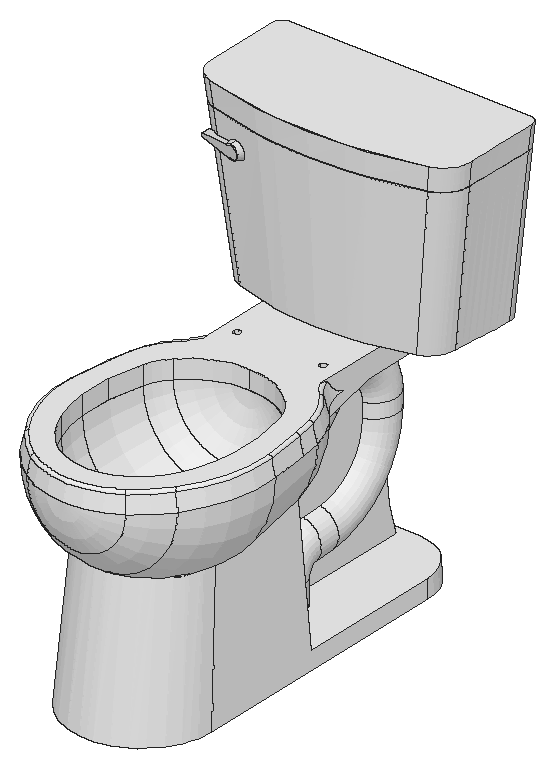
Revit family "Plumbing-Pressure-Assist-Water-Closet-Sloan-Valve-WETS-80298010_", category Plumbing Fixtures, host Face, Revit 2019
Family settings
  Host = Face
  Round Connector Dimension = Use Diameter
  Part Type = Normal
  OmniClass Number = 23.45.05.21.11.11
  OmniClass Title = Water Operated Water Closets
  Cut with Voids When Loaded = No
  Shared = No
  Room Calculation Point = No
Parameters (values of type "WETS-8029.8010")
  Width = 18 1/4"  # constant formula
  Water Closet Code = "2108029"
  Valve Pressure Drop = 0.00 psi
  Tank Code = "2108010"
  Sanitary Drain Connector Description = "Sanitary Drain Connector d2 1/8\""
  Sanitary Drain Connection Diameter = 2 1/8"  # constant formula
  Real Distance to Wall [instance] = if(Distance to Wall < 3/4", 3/4", Distance to Wall)  # 3/4"
  Waste Connection = yes
  WFU = 10
  Vent Connection = yes
  URL = "www.sloanvalve.com"
  Product data url = "https://bimobject.com/sloan_valve/product/pressure-assist-water-closets_sloan_wets-80298010"
  Product Material = Sloan Valve - Vitreous China - White
  Product Guid = ""
  Part Number = "WETS-8029.8010"
  Model = "WETS-8029.8010"
  Minimum Static Pressure = "20 PSI (138 kPa)"  # constant formula
  Maximum Static Pressure = "80 PSI (552 kPa)"  # constant formula
  Manufacturer = "Sloan Valve"  # constant formula
  Keynote = "15410"
  Height = 29 5/8"  # constant formula
  HWFU = 0
  HW Connection = yes
  Flush Rate = "1.28 gpf (4.8 Lpf)"
  Depth = 30 3/8"  # constant formula
  Cold Water Connector Description = "Cold Water Connector d1/2\""
  Cold Water Connection Diameter = 1/2"  # constant formula
  Edition number = 1
  Distance to Wall [instance] = 3/4"
  Description = "Floor-Mounted 1.28 gpf (4.8 Lpf) ADA 12\" Rough-in Pressure-Assisted/Tank Toilet."
  Default Elevation = 0"
  CWFU = 10
  CW Connection = yes
  Assembly Code = "D2010"
  ADA Compliant [instance] = 1 = 1  # yes
Reference planes
  plane 1 "Center (Front/Back)": y = 0
  plane 2: z = 0
  plane 3 "Center (Left/Right)": x = 0
  plane 4: x = -201.612
  plane 5: x = 201.613
  plane 6: y = -762.786
  plane 7: y = -19.05
  plane 8: x = -201.612
  plane 9: x = 201.613
  plane 10: y = -762.786
  plane 11: y = -19.05
Forms (mm)
  Blend 1, solid, material "Sloan Valve - Vitreous China - White" <- "Product Material"
    base sketch origin (0, 0, 38.1) x (1, 0, 0) y (0, 1, 0)
      loop
        arc (-34.925, -45.045) -> (-97.787, -71.084) -> (-123.825, -133.945) r 88.9
        line (-123.825, -133.945) -> (-123.825, -615.95)
        arc (-123.825, -615.95) -> (0, -739.775) -> (123.825, -615.95) r 123.825
        line (123.825, -615.95) -> (123.825, -133.945)
        arc (123.825, -133.945) -> (97.787, -71.084) -> (34.925, -45.045) r 88.9
        line (34.925, -45.045) -> (-34.925, -45.045)
    top sketch origin (0, 0, 38.1) x (1, 0, 0) y (0, 1, 0)
      loop
        arc (-109.537, -584.301) -> (0, -693.838) -> (109.537, -584.301) r 109.537
        line (109.537, -584.301) -> (109.537, -133.945)
        arc (109.537, -133.945) -> (83.499, -71.084) -> (20.637, -45.045) r 88.9
        line (20.637, -45.045) -> (-20.637, -45.045)
        arc (-20.637, -45.045) -> (-83.499, -71.084) -> (-109.537, -133.945) r 88.9
        line (-109.537, -133.945) -> (-109.537, -584.301)
    from -38.1 to 312.058
  Extrusion 2, solid, material "Sloan Valve - Vitreous China - White" <- "Product Material"
    sketch origin (0, 0, 12.7) x (0, 1, 0) y (0, 0, 1)
      loop
        line (-369.05, 348.14) -> (-241.882, 379.846) -> (-70.211, 379.846) -> (-64.931, 440.2) -> (-185.947, 440.2)
        arc (-185.947, 440.2) -> (-192.127, 425.28) -> (-207.047, 419.1) r 21.1
        line (-207.047, 419.1) -> (-369.05, 419.1) -> (-369.05, 348.14)
    from -104.047 to 104.047
  Sweep 3, solid, material "Sloan Valve - Vitreous China - White" <- "Product Material"
    path origin (0, 0, 38.1) x (0, 1, 0) y (0, 0, 1)
      loop
        line (-304.8, -38.1) -> (-304.8, 30.289)
        arc (-304.8, 30.289) -> (-293.174, 59.429) -> (-264.682, 72.564) r 42.333
        line (-264.682, 72.564) -> (-226.487, 74.566)
        arc (-226.487, 74.566) -> (-134.627, 116.914) -> (-97.145, 210.864) r 136.485
        line (-97.145, 210.864) -> (-97.145, 236.948)
        arc (-97.145, 236.948) -> (-144.28, 307.387) -> (-227.373, 290.682) r 76.2
        arc (-227.373, 290.682) -> (-233.15, 284.615) -> (-238.657, 278.301) r 192.236
        arc (-238.657, 278.301) -> (-334.604, 206.706) -> (-452.54, 186.145) r 257.901
    profile origin (0, -304.8, 34.195) x (0, -1, 0) y (1, 0, 0)
      loop
        circle (0, 0) r 38.1
  Extrusion 4, solid, material "Sloan Valve - Vitreous China - White" <- "Product Material"
    sketch origin (22.443, 0, 38.1) x (0, 1, 0) y (0, 0, 1)
      loop
        line (-68.2, 389.4) -> (-235.377, 389.4) -> (-261.569, 382.87) -> (-496.95, 175.082) -> (-480.799, -9.525) -> (-58.189, -9.525)
        arc (-58.189, -9.525) -> (-82.15, 106.794) -> (-68.088, 224.72) r 370.607
        arc (-68.088, 224.72) -> (-59.936, 265.377) -> (-58.507, 306.818) r 254
        arc (-58.507, 306.818) -> (-61.916, 348.278) -> (-68.2, 389.4) r 598.021
    from -28.793 to -16.093
  Extrusion 5, solid, not visible
    sketch origin (0, 0, 0) x (1, 0, 0) y (0, 0, 1)
      loop
        circle (-152.4, 254) r 6.35
    from 0 to 0.794
  Blend 6, solid, material "Sloan Valve - Vitreous China - White" <- "Product Material"
    base sketch origin (0, 0.822, 430.81) x (1, 0, 0) y (0, 1, 0)
      loop
        line (-196.16, -48.519) -> (-186.739, -156.202)
        arc (-186.739, -156.202) -> (-176.518, -182.59) -> (-153.766, -199.416) r 50.8
        arc (-153.766, -199.416) -> (0, -226.96) -> (153.766, -199.416) r 442.975
        arc (153.766, -199.416) -> (176.518, -182.59) -> (186.739, -156.202) r 50.8
        line (186.739, -156.202) -> (196.16, -48.519)
        arc (196.16, -48.519) -> (191.227, -33.989) -> (177.182, -27.809) r 19.05
        line (177.182, -27.809) -> (-177.182, -27.809)
        arc (-177.182, -27.809) -> (-191.227, -33.989) -> (-196.16, -48.519) r 19.05
    top sketch origin (0, 0.822, 430.81) x (1, 0, 0) y (0, 1, 0)
      loop
        arc (-212.725, -19.872) -> (-226.195, -25.451) -> (-231.775, -38.922) r 19.05
        line (-231.775, -38.922) -> (-231.775, -172.47)
        arc (-231.775, -172.47) -> (-221.507, -203.094) -> (-194.854, -221.338) r 50.8
        arc (-194.854, -221.338) -> (0, -248.472) -> (194.854, -221.338) r 713.209
        arc (194.854, -221.338) -> (221.507, -203.094) -> (231.775, -172.47) r 50.8
        line (231.775, -172.47) -> (231.775, -38.922)
        arc (231.775, -38.922) -> (226.195, -25.451) -> (212.725, -19.872) r 19.05
        line (212.725, -19.872) -> (-212.725, -19.872)
    from -37.11 to 321.665
  Extrusion 7, solid, material "Sloan Valve - Finish - Polished Chrome"
    sketch origin (-20.292, -269.587, 924.407) x (-0.97881, 0.203994, 0.017847) y (0, 0.087156, -0.996195)
      loop
        line (127, 257.261) -> (188.747, 261.579)
        arc (188.747, 261.579) -> (192.467, 265.466) -> (188.955, 269.542) r 4.001
        line (188.955, 269.542) -> (127, 277.149) -> (127, 257.261)
    from 0 to 12.7
  Revolve 8, solid, material "Sloan Valve - Finish - Polished Chrome"
    sketch origin (-369.854, -1316.287, 832.833) x (-0.204773, -0.975085, -0.085309) y (0, 0.087156, -0.996195)
      loop
        line (-1100.014, 265.639) -> (-1087.314, 265.639) -> (-1087.314, 277.803) -> (-1087.756, 278.482) -> (-1100.014, 282.465) -> (-1100.014, 265.639)
      axis (-1100.014, 265.639) -> (-1087.314, 265.639)
    angle from 0 to 360
  Revolve 9, solid, material "Sloan Valve - Vitreous China - White" <- "Product Material"
    sketch origin (0, -107.509, 398.463) x (1, 0, 0) y (0, 1, 0)
      loop
        line (0, -683.066) -> (0, -633.619)
        arc (0, -633.619) -> (-54.455, -620.155) -> (-96.361, -582.866) r 116.854
        arc (-96.361, -582.866) -> (-108.844, -562.27) -> (-118.928, -540.399) r 213.603
        arc (-118.928, -540.399) -> (-129.044, -507.813) -> (-134.203, -474.085) r 228.843
        arc (-134.203, -474.085) -> (-133.643, -413.542) -> (-122.68, -353.997) r 350.763
        arc (-122.68, -353.997) -> (-114.097, -332.991) -> (-100.788, -314.61) r 95.25
        arc (-100.788, -314.61) -> (-55.004, -282.028) -> (0, -270.524) r 137.251
        line (0, -270.524) -> (0, -209.239)
        arc (0, -209.239) -> (-18.194, -209.694) -> (-36.342, -211.057) r 364.157
        arc (-36.342, -211.057) -> (-122.715, -249.087) -> (-170.133, -330.684) r 152.4
        arc (-170.133, -330.684) -> (-180.229, -386.679) -> (-186.583, -443.221) r 855.912
        arc (-186.583, -443.221) -> (-178.018, -528.288) -> (-140.189, -604.962) r 240.102
        arc (-140.189, -604.962) -> (-116.352, -632.223) -> (-88.426, -655.277) r 223.457
        arc (-88.426, -655.277) -> (-46.345, -675.956) -> (0, -683.066) r 154.581
      axis (0, -209.239) -> (0, -683.066)
    angle from 0 to 180
  Extrusion 10, solid, material "Sloan Valve - Vitreous China - White" <- "Product Material"
    sketch origin (0, -122.297, 36.415) x (1, 0, 0) y (0, 0, 1)
      loop
        arc (57.698, 221.011) -> (0.981, 212.195) -> (-56.307, 215.748) r 266.082
        line (-56.307, 215.748) -> (-39.243, 151.174)
        arc (-39.243, 151.174) -> (0, 120.954) -> (39.243, 151.174) r 40.59
        line (39.243, 151.174) -> (57.698, 221.011)
    from 346.299 to 429.496
  Blend 11, solid, material "Sloan Valve - Vitreous China - White" <- "Product Material"
    base sketch origin (0, -108.545, 413.2) x (1, 0, 0) y (0, 0, 1)
      loop
        line (25.325, -14.42) -> (-25.325, -14.42) -> (-25.325, -20.654)
        arc (-25.325, -20.654) -> (0, -45.979) -> (25.325, -20.654) r 25.325
        line (25.325, -20.654) -> (25.325, -14.42)
    top sketch origin (0, -108.545, 413.2) x (1, 0, 0) y (0, 0, 1)
      loop
        line (46.038, -14.42) -> (-46.037, -14.42) -> (-46.037, -23.887)
        arc (-46.037, -23.887) -> (0, -69.925) -> (46.038, -23.887) r 46.037
        line (46.038, -23.887) -> (46.038, -14.42)
    from 129.035 to 108.105
  Blend 12, solid, material "Sloan Valve - Vitreous China - White" <- "Product Material"
    base sketch origin (0, -108.545, 413.2) x (1, 0, 0) y (0, 0, 1)
      loop
        line (46.038, -14.42) -> (-46.037, -14.42) -> (-46.037, -23.887)
        arc (-46.037, -23.887) -> (0, -69.925) -> (46.038, -23.887) r 46.037
        line (46.038, -23.887) -> (46.038, -14.42)
    top sketch origin (0, -108.545, 413.2) x (1, 0, 0) y (0, 0, 1)
      loop
        line (46.038, -14.42) -> (-46.037, -14.42) -> (-46.037, -43.731)
        arc (-46.037, -43.731) -> (0, -89.769) -> (46.038, -43.731) r 46.038
        line (46.038, -43.731) -> (46.038, -14.42)
    from 108.105 to 38.1
  Sweep 13, solid, material "Sloan Valve - Vitreous China - White" <- "Product Material"
    path origin (0, -122.297, 38.1) x (0, 1, 0) y (0, 0, 1)
      loop
        arc (-352.549, 201.173) -> (-327.484, 201.16) -> (-302.744, 205.182) r 155.194
        arc (-302.744, 205.182) -> (-278.132, 217.142) -> (-260.549, 238.11) r 65.532
        arc (-260.549, 238.11) -> (-246.125, 268.805) -> (-234.718, 300.744) r 352.298
        arc (-234.718, 300.744) -> (-234.446, 301.431) -> (-234.066, 302.064) r 4.499
        arc (-234.066, 302.064) -> (-210.936, 321.963) -> (-181.277, 329.121) r 65.024
        line (-181.277, 329.121) -> (-115.283, 329.121)
    profile origin (0, -270.577, 367.221) x (0, 0, 1) y (1, 0, 0)
      loop
        line (25.325, -25.325) -> (25.325, 25.325)
        arc (25.325, 25.325) -> (0, 0) -> (25.325, -25.325) r 25.325
  Sweep 14, solid, material "Sloan Valve - Vitreous China - White" <- "Product Material"
    path origin (0, 0, 38.1) x (1, 0, 0) y (0, 1, 0)
      loop
        line (-104.047, -185.947) -> (-104.047, -295.646)
        arc (-104.047, -295.646) -> (-111.251, -333.222) -> (-131.841, -365.47) r 101.6
        arc (-131.841, -365.47) -> (-155.982, -399.201) -> (-170.133, -438.192) r 152.4
        arc (-170.133, -438.192) -> (-174.125, -457.895) -> (-177.652, -477.686) r 855.912
        arc (-177.652, -477.686) -> (-182.903, -514.112) -> (-186.583, -550.729) r 855.912
        arc (-186.583, -550.729) -> (-178.018, -635.797) -> (-140.189, -712.47) r 240.102
        arc (-140.189, -712.47) -> (-116.352, -739.732) -> (-88.426, -762.786) r 223.457
        arc (-88.426, -762.786) -> (0, -790.575) -> (88.426, -762.786) r 154.581
        arc (88.426, -762.786) -> (116.352, -739.732) -> (140.189, -712.47) r 223.457
        arc (140.189, -712.47) -> (178.018, -635.797) -> (186.583, -550.729) r 240.102
        arc (186.583, -550.729) -> (182.903, -514.112) -> (177.652, -477.686) r 855.912
        arc (177.652, -477.686) -> (174.125, -457.895) -> (170.133, -438.192) r 855.912
        arc (170.133, -438.192) -> (155.982, -399.201) -> (131.841, -365.47) r 152.4
        arc (131.841, -365.47) -> (111.251, -333.222) -> (104.047, -295.646) r 101.6
        line (104.047, -295.646) -> (104.047, -185.947)
    profile origin (0, -790.575, 38.1) x (0, 1, 0) y (0, 0, 1)
      loop
        line (0, 360.362) -> (18.191, 360.362) -> (18.191, 393.7) -> (12.748, 393.7)
        arc (12.748, 393.7) -> (8.795, 392.32) -> (6.56, 388.778) r 6.35
        line (6.56, 388.778) -> (0, 360.362)
  Extrusion 15, void
    sketch origin (0, 0, 38.1) x (1, 0, 0) y (0, 1, 0)
      loop
        arc (118.928, -647.907) -> (129.044, -615.321) -> (134.203, -581.593) r 228.843
        arc (134.203, -581.593) -> (135.243, -552.98) -> (133.946, -524.377) r 350.763
        arc (133.946, -524.377) -> (129.747, -492.684) -> (122.68, -461.506) r 350.763
        arc (122.68, -461.506) -> (114.097, -440.499) -> (100.788, -422.119) r 95.25
        arc (100.788, -422.119) -> (55.004, -389.536) -> (0, -378.032) r 137.251
        arc (0, -378.032) -> (-55.004, -389.536) -> (-100.788, -422.119) r 137.251
        arc (-100.788, -422.119) -> (-114.097, -440.499) -> (-122.68, -461.506) r 95.25
        arc (-122.68, -461.506) -> (-129.747, -492.684) -> (-133.946, -524.377) r 350.763
        arc (-133.946, -524.377) -> (-135.243, -552.98) -> (-134.203, -581.593) r 350.763
        arc (-134.203, -581.593) -> (-129.044, -615.321) -> (-118.928, -647.907) r 228.843
        arc (-118.928, -647.907) -> (-108.844, -669.778) -> (-96.361, -690.375) r 213.603
        arc (-96.361, -690.375) -> (-54.455, -727.664) -> (0, -741.127) r 116.854
        arc (0, -741.127) -> (54.455, -727.664) -> (96.361, -690.375) r 116.854
        arc (96.361, -690.375) -> (108.844, -669.778) -> (118.928, -647.907) r 213.603
    from 360.362 to 393.7
  Extrusion 16, solid, material "Sloan Valve - Vitreous China - White" <- "Product Material"
    sketch origin (0, 0, 38.1) x (1, 0, 0) y (0, 1, 0)
      loop
        arc (-168.448, -552.159) -> (-160.532, -630.781) -> (-125.569, -701.646) r 221.912
        arc (-125.569, -701.646) -> (-103.673, -726.688) -> (-78.02, -747.865) r 205.266
        arc (-78.02, -747.865) -> (0, -772.384) -> (78.02, -747.865) r 136.39
        arc (78.02, -747.865) -> (103.673, -726.688) -> (125.569, -701.646) r 205.266
        arc (125.569, -701.646) -> (160.532, -630.781) -> (168.448, -552.159) r 221.912
        arc (168.448, -552.159) -> (164.847, -516.319) -> (159.708, -480.668) r 837.721
        arc (159.708, -480.668) -> (156.255, -461.297) -> (152.348, -442.013) r 837.721
        arc (152.348, -442.013) -> (139.886, -407.676) -> (118.627, -377.971) r 134.209
        arc (118.627, -377.971) -> (110.867, -368.903) -> (104.047, -359.107) r 119.791
        line (104.047, -359.107) -> (104.047, -369.05) -> (-104.047, -369.05) -> (-104.047, -359.107)
        arc (-104.047, -359.107) -> (-110.867, -368.903) -> (-118.627, -377.971) r 119.791
        arc (-118.627, -377.971) -> (-139.886, -407.676) -> (-152.348, -442.013) r 134.209
        arc (-152.348, -442.013) -> (-156.255, -461.297) -> (-159.708, -480.668) r 837.721
        arc (-159.708, -480.668) -> (-164.847, -516.319) -> (-168.448, -552.159) r 837.721
    from 360.362 to 393.7
  Extrusion 17, void
    sketch origin (0, 0, 38.1) x (0, 1, 0) y (0, 0, 1)
      loop
        line (-419.1, 368.114) -> (-392.915, -6.35) -> (-10.202, -6.35) -> (-10.202, 368.114) -> (-419.1, 368.114)
    from -219.74 to 304.8
  Revolve 18, void
    sketch origin (0, -107.509, 398.463) x (1, 0, 0) y (0, 1, 0)
      loop
        line (0, -639.969) -> (0, -264.174)
        arc (0, -264.174) -> (-57.549, -276.21) -> (-105.451, -310.3) r 143.601
        arc (-105.451, -310.3) -> (-119.647, -329.906) -> (-128.802, -352.313) r 101.6
        arc (-128.802, -352.313) -> (-139.964, -412.935) -> (-140.534, -474.574) r 357.113
        arc (-140.534, -474.574) -> (-135.232, -509.238) -> (-124.835, -542.728) r 235.193
        arc (-124.835, -542.728) -> (-114.451, -565.249) -> (-101.598, -586.458) r 219.953
        arc (-101.598, -586.458) -> (-57.414, -625.773) -> (0, -639.969) r 123.204
      axis (0, -264.174) -> (0, -639.969)
    angle from 0 to 180
  Extrusion 19, void
    sketch origin (0, 0, 38.1) x (1, 0, 0) y (0, 1, 0)
      loop
        circle (-76.2, -307.975) r 6.35
      loop
        circle (76.2, -307.975) r 6.35
    from 341.312 to 499.954
  Extrusion 20, void
    sketch origin (0, 0, 31.75) x (1, 0, 0) y (0, 1, 0)
      loop
        arc (-212.725, -19.05) -> (-226.195, -24.63) -> (-231.775, -38.1) r 19.05
        line (-231.775, -38.1) -> (-231.775, -171.649)
        arc (-231.775, -171.649) -> (-221.507, -202.272) -> (-194.854, -220.516) r 50.8
        arc (-194.854, -220.516) -> (0, -247.65) -> (194.854, -220.516) r 713.209
        arc (194.854, -220.516) -> (221.507, -202.272) -> (231.775, -171.649) r 50.8
        line (231.775, -171.649) -> (231.775, -38.1)
        arc (231.775, -38.1) -> (226.195, -24.63) -> (212.725, -19.05) r 19.05
        line (212.725, -19.05) -> (-212.725, -19.05)
      loop
        line (-225.425, -38.1) -> (-225.425, -171.649)
        arc (-225.425, -171.649) -> (-216.441, -198.444) -> (-193.119, -214.408) r 44.45
        arc (-193.119, -214.408) -> (0, -241.3) -> (193.119, -214.408) r 706.859
        arc (193.119, -214.408) -> (216.441, -198.444) -> (225.425, -171.649) r 44.45
        line (225.425, -171.649) -> (225.425, -38.1)
        arc (225.425, -38.1) -> (221.705, -29.12) -> (212.725, -25.4) r 12.7
        line (212.725, -25.4) -> (-212.725, -25.4)
        arc (-212.725, -25.4) -> (-221.705, -29.12) -> (-225.425, -38.1) r 12.7
    from 678.093 to 679.681
  Extrusion 21, void
    sketch origin (0, 0, 0) x (0, 1, 0) y (0, 0, 1)
      loop
        line (-292.887, 431.8) -> (-292.887, 381) -> (-19.05, 381) -> (-19.05, 431.8) -> (-292.887, 431.8)
    from -208.495 to 212.28
  Blend 22, solid, material "Sloan Valve - Vitreous China - White" <- "Product Material", not visible
    base sketch origin (0, 0, 38.1) x (1, 0, 0) y (0, 1, 0)
      loop
        arc (-34.925, -45.045) -> (-97.787, -71.084) -> (-123.825, -133.945) r 88.9
        line (-123.825, -133.945) -> (-123.825, -615.95)
        arc (-123.825, -615.95) -> (0, -739.775) -> (123.825, -615.95) r 123.825
        line (123.825, -615.95) -> (123.825, -133.945)
        arc (123.825, -133.945) -> (97.787, -71.084) -> (34.925, -45.045) r 88.9
        line (34.925, -45.045) -> (-34.925, -45.045)
    top sketch origin (0, 0, 38.1) x (1, 0, 0) y (0, 1, 0)
      loop
        arc (-109.537, -584.301) -> (0, -693.838) -> (109.537, -584.301) r 109.537
        line (109.537, -584.301) -> (109.537, -133.945)
        arc (109.537, -133.945) -> (83.499, -71.084) -> (20.637, -45.045) r 88.9
        line (20.637, -45.045) -> (-20.637, -45.045)
        arc (-20.637, -45.045) -> (-83.499, -71.084) -> (-109.537, -133.945) r 88.9
        line (-109.537, -133.945) -> (-109.537, -584.301)
    from -38.1 to 312.058
  Extrusion 23, solid, material "Sloan Valve - Vitreous China - White" <- "Product Material", not visible
    sketch origin (0, 0, 12.7) x (0, 1, 0) y (0, 0, 1)
      loop
        line (-369.05, 348.14) -> (-241.882, 379.846) -> (-70.211, 379.846) -> (-64.931, 440.2) -> (-185.947, 440.2)
        arc (-185.947, 440.2) -> (-192.127, 425.28) -> (-207.047, 419.1) r 21.1
        line (-207.047, 419.1) -> (-369.05, 419.1) -> (-369.05, 348.14)
    from -104.047 to 104.047
  Sweep 24, solid, material "Sloan Valve - Vitreous China - White" <- "Product Material", not visible
    path origin (0, 0, 38.1) x (0, 1, 0) y (0, 0, 1)
      loop
        line (-304.8, -38.1) -> (-304.8, 30.289)
        arc (-304.8, 30.289) -> (-293.174, 59.429) -> (-264.682, 72.564) r 42.333
        line (-264.682, 72.564) -> (-226.487, 74.566)
        arc (-226.487, 74.566) -> (-134.627, 116.914) -> (-97.145, 210.864) r 136.485
        line (-97.145, 210.864) -> (-97.145, 236.948)
        arc (-97.145, 236.948) -> (-144.28, 307.387) -> (-227.373, 290.682) r 76.2
        arc (-227.373, 290.682) -> (-233.15, 284.615) -> (-238.657, 278.301) r 192.236
        arc (-238.657, 278.301) -> (-334.604, 206.706) -> (-452.54, 186.145) r 257.901
    profile origin (0, -304.8, 34.195) x (0, -1, 0) y (1, 0, 0)
      loop
        circle (0, 0) r 38.1
  Extrusion 25, solid, material "Sloan Valve - Vitreous China - White" <- "Product Material", not visible
    sketch origin (22.443, 0, 38.1) x (0, 1, 0) y (0, 0, 1)
      loop
        line (-68.2, 389.4) -> (-235.377, 389.4) -> (-261.569, 382.87) -> (-496.95, 175.082) -> (-480.799, -9.525) -> (-58.189, -9.525)
        arc (-58.189, -9.525) -> (-82.15, 106.794) -> (-68.088, 224.72) r 370.607
        arc (-68.088, 224.72) -> (-59.936, 265.377) -> (-58.507, 306.818) r 254
        arc (-58.507, 306.818) -> (-61.916, 348.278) -> (-68.2, 389.4) r 598.021
    from -28.793 to -16.093
  Blend 26, solid, material "Sloan Valve - Vitreous China - White" <- "Product Material", not visible
    base sketch origin (0, 0.822, 430.81) x (1, 0, 0) y (0, 1, 0)
      loop
        line (-196.16, -48.519) -> (-186.739, -156.202)
        arc (-186.739, -156.202) -> (-176.518, -182.59) -> (-153.766, -199.416) r 50.8
        arc (-153.766, -199.416) -> (0, -226.96) -> (153.766, -199.416) r 442.975
        arc (153.766, -199.416) -> (176.518, -182.59) -> (186.739, -156.202) r 50.8
        line (186.739, -156.202) -> (196.16, -48.519)
        arc (196.16, -48.519) -> (191.227, -33.989) -> (177.182, -27.809) r 19.05
        line (177.182, -27.809) -> (-177.182, -27.809)
        arc (-177.182, -27.809) -> (-191.227, -33.989) -> (-196.16, -48.519) r 19.05
    top sketch origin (0, 0.822, 430.81) x (1, 0, 0) y (0, 1, 0)
      loop
        arc (-212.725, -19.872) -> (-226.195, -25.451) -> (-231.775, -38.922) r 19.05
        line (-231.775, -38.922) -> (-231.775, -172.47)
        arc (-231.775, -172.47) -> (-221.507, -203.094) -> (-194.854, -221.338) r 50.8
        arc (-194.854, -221.338) -> (0, -248.472) -> (194.854, -221.338) r 713.209
        arc (194.854, -221.338) -> (221.507, -203.094) -> (231.775, -172.47) r 50.8
        line (231.775, -172.47) -> (231.775, -38.922)
        arc (231.775, -38.922) -> (226.195, -25.451) -> (212.725, -19.872) r 19.05
        line (212.725, -19.872) -> (-212.725, -19.872)
    from -37.11 to 321.665
  Extrusion 27, solid, material "Sloan Valve - Finish - Polished Chrome", not visible
    sketch origin (-20.292, -269.587, 924.407) x (-0.97881, 0.203994, 0.017847) y (0, 0.087156, -0.996195)
      loop
        line (127, 257.261) -> (188.747, 261.579)
        arc (188.747, 261.579) -> (192.467, 265.466) -> (188.955, 269.542) r 4.001
        line (188.955, 269.542) -> (127, 277.149) -> (127, 257.261)
    from 0 to 12.7
  Revolve 28, solid, material "Sloan Valve - Finish - Polished Chrome", not visible
    sketch origin (-369.854, -1316.287, 832.833) x (-0.204773, -0.975085, -0.085309) y (0, 0.087156, -0.996195)
      loop
        line (-1100.014, 265.639) -> (-1087.314, 265.639) -> (-1087.314, 277.803) -> (-1087.756, 278.482) -> (-1100.014, 282.465) -> (-1100.014, 265.639)
      axis (-1100.014, 265.639) -> (-1087.314, 265.639)
    angle from 0 to 360
  Revolve 29, solid, material "Sloan Valve - Vitreous China - White" <- "Product Material", not visible
    sketch origin (0, -107.509, 398.463) x (1, 0, 0) y (0, 1, 0)
      loop
        line (0, -683.066) -> (0, -633.619)
        arc (0, -633.619) -> (-54.455, -620.155) -> (-96.361, -582.866) r 116.854
        arc (-96.361, -582.866) -> (-108.844, -562.27) -> (-118.928, -540.399) r 213.603
        arc (-118.928, -540.399) -> (-129.044, -507.813) -> (-134.203, -474.085) r 228.843
        arc (-134.203, -474.085) -> (-133.643, -413.542) -> (-122.68, -353.997) r 350.763
        arc (-122.68, -353.997) -> (-114.097, -332.991) -> (-100.788, -314.61) r 95.25
        arc (-100.788, -314.61) -> (-55.004, -282.028) -> (0, -270.524) r 137.251
        line (0, -270.524) -> (0, -209.239)
        arc (0, -209.239) -> (-18.194, -209.694) -> (-36.342, -211.057) r 364.157
        arc (-36.342, -211.057) -> (-122.715, -249.087) -> (-170.133, -330.684) r 152.4
        arc (-170.133, -330.684) -> (-180.229, -386.679) -> (-186.583, -443.221) r 855.912
        arc (-186.583, -443.221) -> (-178.018, -528.288) -> (-140.189, -604.962) r 240.102
        arc (-140.189, -604.962) -> (-116.352, -632.223) -> (-88.426, -655.277) r 223.457
        arc (-88.426, -655.277) -> (-46.345, -675.956) -> (0, -683.066) r 154.581
      axis (0, -209.239) -> (0, -683.066)
    angle from 0 to 180
  Extrusion 30, solid, material "Sloan Valve - Vitreous China - White" <- "Product Material", not visible
    sketch origin (0, -122.297, 36.415) x (1, 0, 0) y (0, 0, 1)
      loop
        arc (57.698, 221.011) -> (0.981, 212.195) -> (-56.307, 215.748) r 266.082
        line (-56.307, 215.748) -> (-39.243, 151.174)
        arc (-39.243, 151.174) -> (0, 120.954) -> (39.243, 151.174) r 40.59
        line (39.243, 151.174) -> (57.698, 221.011)
    from 346.299 to 429.496
  Blend 31, solid, material "Sloan Valve - Vitreous China - White" <- "Product Material", not visible
    base sketch origin (0, -108.545, 413.2) x (1, 0, 0) y (0, 0, 1)
      loop
        line (25.325, -14.42) -> (-25.325, -14.42) -> (-25.325, -20.654)
        arc (-25.325, -20.654) -> (0, -45.979) -> (25.325, -20.654) r 25.325
        line (25.325, -20.654) -> (25.325, -14.42)
    top sketch origin (0, -108.545, 413.2) x (1, 0, 0) y (0, 0, 1)
      loop
        line (46.038, -14.42) -> (-46.037, -14.42) -> (-46.037, -23.887)
        arc (-46.037, -23.887) -> (0, -69.925) -> (46.038, -23.887) r 46.037
        line (46.038, -23.887) -> (46.038, -14.42)
    from 129.035 to 108.105
  Blend 32, solid, material "Sloan Valve - Vitreous China - White" <- "Product Material", not visible
    base sketch origin (0, -108.545, 413.2) x (1, 0, 0) y (0, 0, 1)
      loop
        line (46.038, -14.42) -> (-46.037, -14.42) -> (-46.037, -23.887)
        arc (-46.037, -23.887) -> (0, -69.925) -> (46.038, -23.887) r 46.037
        line (46.038, -23.887) -> (46.038, -14.42)
    top sketch origin (0, -108.545, 413.2) x (1, 0, 0) y (0, 0, 1)
      loop
        line (46.038, -14.42) -> (-46.037, -14.42) -> (-46.037, -43.731)
        arc (-46.037, -43.731) -> (0, -89.769) -> (46.038, -43.731) r 46.038
        line (46.038, -43.731) -> (46.038, -14.42)
    from 108.105 to 38.1
  Sweep 33, solid, material "Sloan Valve - Vitreous China - White" <- "Product Material", not visible
    path origin (0, -122.297, 38.1) x (0, 1, 0) y (0, 0, 1)
      loop
        arc (-352.549, 201.173) -> (-327.484, 201.16) -> (-302.744, 205.182) r 155.194
        arc (-302.744, 205.182) -> (-278.132, 217.142) -> (-260.549, 238.11) r 65.532
        arc (-260.549, 238.11) -> (-246.125, 268.805) -> (-234.718, 300.744) r 352.298
        arc (-234.718, 300.744) -> (-234.446, 301.431) -> (-234.066, 302.064) r 4.499
        arc (-234.066, 302.064) -> (-210.936, 321.963) -> (-181.277, 329.121) r 65.024
        line (-181.277, 329.121) -> (-115.283, 329.121)
    profile origin (0, -270.577, 367.221) x (0, 0, 1) y (1, 0, 0)
      loop
        line (25.325, -25.325) -> (25.325, 25.325)
        arc (25.325, 25.325) -> (0, 0) -> (25.325, -25.325) r 25.325
  Sweep 34, solid, material "Sloan Valve - Vitreous China - White" <- "Product Material", not visible
    path origin (0, 0, 38.1) x (1, 0, 0) y (0, 1, 0)
      loop
        line (-104.047, -185.947) -> (-104.047, -295.646)
        arc (-104.047, -295.646) -> (-111.251, -333.222) -> (-131.841, -365.47) r 101.6
        arc (-131.841, -365.47) -> (-155.982, -399.201) -> (-170.133, -438.192) r 152.4
        arc (-170.133, -438.192) -> (-174.125, -457.895) -> (-177.652, -477.686) r 855.912
        arc (-177.652, -477.686) -> (-182.903, -514.112) -> (-186.583, -550.729) r 855.912
        arc (-186.583, -550.729) -> (-178.018, -635.797) -> (-140.189, -712.47) r 240.102
        arc (-140.189, -712.47) -> (-116.352, -739.732) -> (-88.426, -762.786) r 223.457
        arc (-88.426, -762.786) -> (0, -790.575) -> (88.426, -762.786) r 154.581
        arc (88.426, -762.786) -> (116.352, -739.732) -> (140.189, -712.47) r 223.457
        arc (140.189, -712.47) -> (178.018, -635.797) -> (186.583, -550.729) r 240.102
        arc (186.583, -550.729) -> (182.903, -514.112) -> (177.652, -477.686) r 855.912
        arc (177.652, -477.686) -> (174.125, -457.895) -> (170.133, -438.192) r 855.912
        arc (170.133, -438.192) -> (155.982, -399.201) -> (131.841, -365.47) r 152.4
        arc (131.841, -365.47) -> (111.251, -333.222) -> (104.047, -295.646) r 101.6
        line (104.047, -295.646) -> (104.047, -185.947)
    profile origin (0, -790.575, 38.1) x (0, 1, 0) y (0, 0, 1)
      loop
        line (0, 360.362) -> (18.191, 360.362) -> (18.191, 393.7) -> (12.748, 393.7)
        arc (12.748, 393.7) -> (8.795, 392.32) -> (6.56, 388.778) r 6.35
        line (6.56, 388.778) -> (0, 360.362)
  Extrusion 35, void, not visible
    sketch origin (0, 0, 38.1) x (1, 0, 0) y (0, 1, 0)
      loop
        arc (118.928, -647.907) -> (129.044, -615.321) -> (134.203, -581.593) r 228.843
        arc (134.203, -581.593) -> (135.243, -552.98) -> (133.946, -524.377) r 350.763
        arc (133.946, -524.377) -> (129.747, -492.684) -> (122.68, -461.506) r 350.763
        arc (122.68, -461.506) -> (114.097, -440.499) -> (100.788, -422.119) r 95.25
        arc (100.788, -422.119) -> (55.004, -389.536) -> (0, -378.032) r 137.251
        arc (0, -378.032) -> (-55.004, -389.536) -> (-100.788, -422.119) r 137.251
        arc (-100.788, -422.119) -> (-114.097, -440.499) -> (-122.68, -461.506) r 95.25
        arc (-122.68, -461.506) -> (-129.747, -492.684) -> (-133.946, -524.377) r 350.763
        arc (-133.946, -524.377) -> (-135.243, -552.98) -> (-134.203, -581.593) r 350.763
        arc (-134.203, -581.593) -> (-129.044, -615.321) -> (-118.928, -647.907) r 228.843
        arc (-118.928, -647.907) -> (-108.844, -669.778) -> (-96.361, -690.375) r 213.603
        arc (-96.361, -690.375) -> (-54.455, -727.664) -> (0, -741.127) r 116.854
        arc (0, -741.127) -> (54.455, -727.664) -> (96.361, -690.375) r 116.854
        arc (96.361, -690.375) -> (108.844, -669.778) -> (118.928, -647.907) r 213.603
    from 360.362 to 393.7
  Extrusion 36, solid, material "Sloan Valve - Vitreous China - White" <- "Product Material", not visible
    sketch origin (0, 0, 38.1) x (1, 0, 0) y (0, 1, 0)
      loop
        arc (-168.448, -552.159) -> (-160.532, -630.781) -> (-125.569, -701.646) r 221.912
        arc (-125.569, -701.646) -> (-103.673, -726.688) -> (-78.02, -747.865) r 205.266
        arc (-78.02, -747.865) -> (0, -772.384) -> (78.02, -747.865) r 136.39
        arc (78.02, -747.865) -> (103.673, -726.688) -> (125.569, -701.646) r 205.266
        arc (125.569, -701.646) -> (160.532, -630.781) -> (168.448, -552.159) r 221.912
        arc (168.448, -552.159) -> (164.847, -516.319) -> (159.708, -480.668) r 837.721
        arc (159.708, -480.668) -> (156.255, -461.297) -> (152.348, -442.013) r 837.721
        arc (152.348, -442.013) -> (139.886, -407.676) -> (118.627, -377.971) r 134.209
        arc (118.627, -377.971) -> (110.867, -368.903) -> (104.047, -359.107) r 119.791
        line (104.047, -359.107) -> (104.047, -369.05) -> (-104.047, -369.05) -> (-104.047, -359.107)
        arc (-104.047, -359.107) -> (-110.867, -368.903) -> (-118.627, -377.971) r 119.791
        arc (-118.627, -377.971) -> (-139.886, -407.676) -> (-152.348, -442.013) r 134.209
        arc (-152.348, -442.013) -> (-156.255, -461.297) -> (-159.708, -480.668) r 837.721
        arc (-159.708, -480.668) -> (-164.847, -516.319) -> (-168.448, -552.159) r 837.721
    from 360.362 to 393.7
  Extrusion 37, void, not visible
    sketch origin (0, 0, 38.1) x (0, 1, 0) y (0, 0, 1)
      loop
        line (-419.1, 368.114) -> (-392.915, -6.35) -> (-10.202, -6.35) -> (-10.202, 368.114) -> (-419.1, 368.114)
    from -219.74 to 304.8
  Revolve 38, void, not visible
    sketch origin (0, -107.509, 398.463) x (1, 0, 0) y (0, 1, 0)
      loop
        line (0, -639.969) -> (0, -264.174)
        arc (0, -264.174) -> (-57.549, -276.21) -> (-105.451, -310.3) r 143.601
        arc (-105.451, -310.3) -> (-119.647, -329.906) -> (-128.802, -352.313) r 101.6
        arc (-128.802, -352.313) -> (-139.964, -412.935) -> (-140.534, -474.574) r 357.113
        arc (-140.534, -474.574) -> (-135.232, -509.238) -> (-124.835, -542.728) r 235.193
        arc (-124.835, -542.728) -> (-114.451, -565.249) -> (-101.598, -586.458) r 219.953
        arc (-101.598, -586.458) -> (-57.414, -625.773) -> (0, -639.969) r 123.204
      axis (0, -264.174) -> (0, -639.969)
    angle from 0 to 180
  Extrusion 39, void, not visible
    sketch origin (0, 0, 38.1) x (1, 0, 0) y (0, 1, 0)
      loop
        circle (-76.2, -307.975) r 6.35
      loop
        circle (76.2, -307.975) r 6.35
    from 341.312 to 499.954
  Extrusion 40, void, not visible
    sketch origin (0, 0, 31.75) x (1, 0, 0) y (0, 1, 0)
      loop
        arc (-212.725, -19.05) -> (-226.195, -24.63) -> (-231.775, -38.1) r 19.05
        line (-231.775, -38.1) -> (-231.775, -171.649)
        arc (-231.775, -171.649) -> (-221.507, -202.272) -> (-194.854, -220.516) r 50.8
        arc (-194.854, -220.516) -> (0, -247.65) -> (194.854, -220.516) r 713.209
        arc (194.854, -220.516) -> (221.507, -202.272) -> (231.775, -171.649) r 50.8
        line (231.775, -171.649) -> (231.775, -38.1)
        arc (231.775, -38.1) -> (226.195, -24.63) -> (212.725, -19.05) r 19.05
        line (212.725, -19.05) -> (-212.725, -19.05)
      loop
        line (-225.425, -38.1) -> (-225.425, -171.649)
        arc (-225.425, -171.649) -> (-216.441, -198.444) -> (-193.119, -214.408) r 44.45
        arc (-193.119, -214.408) -> (0, -241.3) -> (193.119, -214.408) r 706.859
        arc (193.119, -214.408) -> (216.441, -198.444) -> (225.425, -171.649) r 44.45
        line (225.425, -171.649) -> (225.425, -38.1)
        arc (225.425, -38.1) -> (221.705, -29.12) -> (212.725, -25.4) r 12.7
        line (212.725, -25.4) -> (-212.725, -25.4)
        arc (-212.725, -25.4) -> (-221.705, -29.12) -> (-225.425, -38.1) r 12.7
    from 678.093 to 679.681
  Extrusion 41, void, not visible
    sketch origin (0, 0, 0) x (0, 1, 0) y (0, 0, 1)
      loop
        line (-292.887, 431.8) -> (-292.887, 381) -> (-19.05, 381) -> (-19.05, 431.8) -> (-292.887, 431.8)
    from -208.495 to 212.28
Cuts and joins
  joined: Extrusion 7, Revolve 8
  Extrusion 20, Extrusion 21 cuts Blend 6
  Extrusion 19 cuts Extrusion 2
  Extrusion 15 cuts Extrusion 16
  joined: Extrusion 2, Sweep 14, Extrusion 16
  Extrusion 17, Revolve 18 cuts Blend 1
Lines and regions (mm)
  Masking region 1
    outline origin (0, 0, 0) x (1, 0, 0) y (0, 1, 0)
      loop
        line (212.725, -19.05) -> (-212.725, -19.05)
        arc (-212.725, -19.05) -> (-226.195, -24.63) -> (-231.775, -38.1) r 19.05
        line (-231.775, -38.1) -> (-231.775, -171.649)
        arc (-231.775, -171.649) -> (-221.507, -202.272) -> (-194.854, -220.516) r 50.8
        arc (-194.854, -220.516) -> (-159.548, -229.575) -> (-123.825, -236.819) r 713.209
        line (-123.825, -236.819) -> (-123.825, -355.877)
        arc (-123.825, -355.877) -> (-127.686, -360.797) -> (-131.841, -365.47) r 101.6
        arc (-131.841, -365.47) -> (-155.982, -399.201) -> (-170.133, -438.192) r 152.4
        arc (-170.133, -438.192) -> (-174.125, -457.895) -> (-177.652, -477.686) r 855.912
        arc (-177.652, -477.686) -> (-182.903, -514.112) -> (-186.583, -550.729) r 855.912
        arc (-186.583, -550.729) -> (-178.018, -635.797) -> (-140.189, -712.47) r 240.102
        arc (-140.189, -712.47) -> (-116.352, -739.732) -> (-88.426, -762.786) r 223.457
        arc (-88.426, -762.786) -> (0, -790.575) -> (88.426, -762.786) r 154.581
        arc (88.426, -762.786) -> (116.352, -739.732) -> (140.189, -712.47) r 223.457
        arc (140.189, -712.47) -> (178.018, -635.797) -> (186.583, -550.729) r 240.102
        arc (186.583, -550.729) -> (182.903, -514.112) -> (177.652, -477.686) r 855.912
        arc (177.652, -477.686) -> (174.125, -457.895) -> (170.133, -438.192) r 855.912
        arc (170.133, -438.192) -> (155.982, -399.201) -> (131.841, -365.47) r 152.4
        arc (131.841, -365.47) -> (127.686, -360.797) -> (123.825, -355.877) r 101.6
        line (123.825, -355.877) -> (123.825, -236.819)
        arc (123.825, -236.819) -> (159.548, -229.575) -> (194.854, -220.516) r 713.209
        arc (194.854, -220.516) -> (221.507, -202.272) -> (231.775, -171.649) r 50.8
        line (231.775, -171.649) -> (231.775, -38.1)
        arc (231.775, -38.1) -> (226.195, -24.63) -> (212.725, -19.05) r 19.05
  Masking region 2, not visible
    outline origin (0, 0, 0) x (1, 0, 0) y (0, 1, 0)
      loop
        line (212.725, -19.05) -> (-212.725, -19.05)
        arc (-212.725, -19.05) -> (-226.195, -24.63) -> (-231.775, -38.1) r 19.05
        line (-231.775, -38.1) -> (-231.775, -171.649)
        arc (-231.775, -171.649) -> (-221.507, -202.272) -> (-194.854, -220.516) r 50.8
        arc (-194.854, -220.516) -> (-159.548, -229.575) -> (-123.825, -236.819) r 713.209
        line (-123.825, -236.819) -> (-123.825, -355.877)
        arc (-123.825, -355.877) -> (-127.686, -360.797) -> (-131.841, -365.47) r 101.6
        arc (-131.841, -365.47) -> (-155.982, -399.201) -> (-170.133, -438.192) r 152.4
        arc (-170.133, -438.192) -> (-174.125, -457.895) -> (-177.652, -477.686) r 855.912
        arc (-177.652, -477.686) -> (-182.903, -514.112) -> (-186.583, -550.729) r 855.912
        arc (-186.583, -550.729) -> (-178.018, -635.797) -> (-140.189, -712.47) r 240.102
        arc (-140.189, -712.47) -> (-116.352, -739.732) -> (-88.426, -762.786) r 223.457
        arc (-88.426, -762.786) -> (0, -790.575) -> (88.426, -762.786) r 154.581
        arc (88.426, -762.786) -> (116.352, -739.732) -> (140.189, -712.47) r 223.457
        arc (140.189, -712.47) -> (178.018, -635.797) -> (186.583, -550.729) r 240.102
        arc (186.583, -550.729) -> (182.903, -514.112) -> (177.652, -477.686) r 855.912
        arc (177.652, -477.686) -> (174.125, -457.895) -> (170.133, -438.192) r 855.912
        arc (170.133, -438.192) -> (155.982, -399.201) -> (131.841, -365.47) r 152.4
        arc (131.841, -365.47) -> (127.686, -360.797) -> (123.825, -355.877) r 101.6
        line (123.825, -355.877) -> (123.825, -236.819)
        arc (123.825, -236.819) -> (159.548, -229.575) -> (194.854, -220.516) r 713.209
        arc (194.854, -220.516) -> (221.507, -202.272) -> (231.775, -171.649) r 50.8
        line (231.775, -171.649) -> (231.775, -38.1)
        arc (231.775, -38.1) -> (226.195, -24.63) -> (212.725, -19.05) r 19.05
  symbolic lines, detail levels medium+fine
    curve 1: arc (-123.825, -236.819, 0) -> (0, -247.65, 0) -> (123.825, -236.819, 0) r 713.209
  symbolic lines, detail levels fine
    curve 2: arc (-100.788, -422.119, 0) -> (-55.004, -389.536, 0) -> (0, -378.032, 0) r 137.251
    curve 3: arc (0, -378.032, 0) -> (55.004, -389.536, 0) -> (100.788, -422.119, 0) r 137.251
    curve 4: arc (100.788, -422.119, 0) -> (114.097, -440.499, 0) -> (122.68, -461.506, 0) r 95.25
    curve 5: arc (122.68, -461.506, 0) -> (129.747, -492.684, 0) -> (133.946, -524.377, 0) r 350.763
    curve 6: arc (133.946, -524.377, 0) -> (135.243, -552.98, 0) -> (134.203, -581.593, 0) r 350.763
    curve 7: arc (134.203, -581.593, 0) -> (129.044, -615.321, 0) -> (118.928, -647.907, 0) r 228.843
    curve 8: arc (118.928, -647.907, 0) -> (108.844, -669.778, 0) -> (96.361, -690.375, 0) r 213.603
    curve 9: arc (96.361, -690.375, 0) -> (54.455, -727.664, 0) -> (0, -741.127, 0) r 116.854
    curve 10: arc (0, -741.127, 0) -> (-54.455, -727.664, 0) -> (-96.361, -690.375, 0) r 116.854
    curve 11: arc (-96.361, -690.375, 0) -> (-108.844, -669.778, 0) -> (-118.928, -647.907, 0) r 213.603
    curve 12: arc (-118.928, -647.907, 0) -> (-129.044, -615.321, 0) -> (-134.203, -581.593, 0) r 228.843
    curve 13: arc (-134.203, -581.593, 0) -> (-135.243, -552.98, 0) -> (-133.946, -524.377, 0) r 350.763
    curve 14: arc (-133.946, -524.377, 0) -> (-129.747, -492.684, 0) -> (-122.68, -461.506, 0) r 350.763
    curve 15: arc (-122.68, -461.506, 0) -> (-114.097, -440.499, 0) -> (-100.788, -422.119, 0) r 95.25
    curve 16: circle (-76.2, -307.975, 0) r 6.35 normal (0, 0, 1)
    curve 17: circle (76.2, -307.975, 0) r 6.35 normal (0, 0, 1)
  symbolic lines, not visible, detail levels medium+fine
    curve 18: arc (-123.825, -236.819, 0) -> (0, -247.65, 0) -> (123.825, -236.819, 0) r 713.209
  symbolic lines, not visible, detail levels fine
    curve 19: arc (-100.788, -422.119, 0) -> (-55.004, -389.536, 0) -> (0, -378.032, 0) r 137.251
    curve 20: arc (0, -378.032, 0) -> (55.004, -389.536, 0) -> (100.788, -422.119, 0) r 137.251
    curve 21: arc (100.788, -422.119, 0) -> (114.097, -440.499, 0) -> (122.68, -461.506, 0) r 95.25
    curve 22: arc (122.68, -461.506, 0) -> (129.747, -492.684, 0) -> (133.946, -524.377, 0) r 350.763
    curve 23: arc (133.946, -524.377, 0) -> (135.243, -552.98, 0) -> (134.203, -581.593, 0) r 350.763
    curve 24: arc (134.203, -581.593, 0) -> (129.044, -615.321, 0) -> (118.928, -647.907, 0) r 228.843
    curve 25: arc (118.928, -647.907, 0) -> (108.844, -669.778, 0) -> (96.361, -690.375, 0) r 213.603
    curve 26: arc (96.361, -690.375, 0) -> (54.455, -727.664, 0) -> (0, -741.127, 0) r 116.854
    curve 27: arc (0, -741.127, 0) -> (-54.455, -727.664, 0) -> (-96.361, -690.375, 0) r 116.854
    curve 28: arc (-96.361, -690.375, 0) -> (-108.844, -669.778, 0) -> (-118.928, -647.907, 0) r 213.603
    curve 29: arc (-118.928, -647.907, 0) -> (-129.044, -615.321, 0) -> (-134.203, -581.593, 0) r 228.843
    curve 30: arc (-134.203, -581.593, 0) -> (-135.243, -552.98, 0) -> (-133.946, -524.377, 0) r 350.763
    curve 31: arc (-133.946, -524.377, 0) -> (-129.747, -492.684, 0) -> (-122.68, -461.506, 0) r 350.763
    curve 32: arc (-122.68, -461.506, 0) -> (-114.097, -440.499, 0) -> (-100.788, -422.119, 0) r 95.25
    curve 33: circle (-76.2, -307.975, 0) r 6.35 normal (0, 0, 1)
    curve 34: circle (76.2, -307.975, 0) r 6.35 normal (0, 0, 1)
Dimensions and locks
  "Real Distance to Wall": plane 1 "Center (Front/Back)" to plane 7
  aligned and locked: plane 2 to host face
  aligned and locked: level to host face
  aligned and locked: Masking region 1 to plane 7
Automatic sketch dimensions
  host sketch curve to host sketch curve = 96"  (x2)
  plane 7 to Blend 1 sketch curve = 23 1/2"
  Blend 1 sketch curve to Blend 1 sketch curve = 3 1/2"  (x2)
  Blend 1 sketch curve to Blend 1 sketch curve = 4 7/8"
  Blend 1 sketch curve to Blend 1 sketch curve = 2 3/4"
  plane 7 to Blend 1 sketch curve = 4 67/128"
  plane 7 to Blend 1 sketch curve = 22.25397"
  plane 7 to Blend 1 sketch curve = 1 3/128"
  Blend 1 sketch curve to Blend 1 sketch curve = 4 5/16"
  Blend 1 sketch curve to Blend 1 sketch curve = 1 5/8"
  plane 7 to Extrusion 2 sketch curve = 13.77953"
  Extrusion 2 sketch curve to Extrusion 2 sketch curve = 5.00662"
  Extrusion 2 sketch curve to Extrusion 2 sketch curve = 1.37144"
  Extrusion 2 sketch curve to Extrusion 2 sketch curve = 0.83072"
  plane 7 to Extrusion 2 sketch curve = 2.01421"
  plane 7 to Extrusion 2 sketch curve = 1.80632"
  Extrusion 2 sketch curve to Extrusion 2 sketch curve = 1.24829"
  Extrusion 2 sketch curve to Extrusion 2 sketch curve = 2.7937"
  Sweep 3 sketch curve to profile plane = 0"  (x2)
  Extrusion 5 sketch curve to plane 3 "Center (Left/Right)" = 6"
  level to Extrusion 5 sketch curve = 10"
  plane 4 to Blend 6 sketch curve = 0.21467"
  plane 4 to Blend 6 sketch curve = 0.58558"
  plane 7 to Blend 6 sketch curve = 5/16"
  plane 4 to Blend 6 sketch curve = 0.96182"
  Blend 6 sketch curve to Blend 6 sketch curve = 1.99239"
  plane 4 to Blend 6 sketch curve = 7 15/16"
  plane 5 to Blend 6 sketch curve = 2.57797"
  plane 5 to Blend 6 sketch curve = 0.96182"
  plane 5 to Blend 6 sketch curve = 0.58558"
  plane 5 to Blend 6 sketch curve = 0.21467"
  Blend 6 sketch curve to Blend 6 sketch curve = 3/4"  (x3)
  Blend 6 sketch curve to Blend 6 sketch curve = 4.13053"  (x2)
  Blend 6 sketch curve to Blend 6 sketch curve = 0.17431"  (x2)
  Blend 6 sketch curve to plane 7 = 9.28691"
  Blend 6 sketch curve to Blend 6 sketch curve = 0"  (x2)
  plane 7 to Blend 6 sketch curve = 0"
  plane 7 to Blend 6 sketch curve = 6 1/128"  (x2)
  Blend 6 sketch curve to Blend 6 sketch curve = 2"
  Blend 6 sketch curve to Blend 6 sketch curve = 8 3/8"
  Blend 6 sketch curve to Blend 6 sketch curve = 14 1/4"
  plane 7 to Blend 6 sketch curve = 3/4"
  Blend 6 sketch curve to Blend 6 sketch curve = 1 1/4"
  Blend 6 sketch curve to plane 7 = 19.0791"
  Extrusion 7 sketch curve to Extrusion 7 sketch curve = 2.41998"
  Extrusion 7 sketch curve to Extrusion 7 sketch curve = 0.01099"
  Extrusion 7 sketch curve to Extrusion 7 sketch curve = 0.0192"
  Extrusion 7 sketch curve to Extrusion 7 sketch curve = 0.16999"
  Extrusion 7 sketch curve to Extrusion 7 sketch curve = 0.15715"
  Extrusion 7 sketch curve to Extrusion 7 sketch curve = 0.78299"
  Revolve 8 sketch curve to Revolve 8 sketch curve = 0.48262"
  Revolve 8 sketch curve to Revolve 8 sketch curve = 1/2"
  Revolve 8 sketch curve to Revolve 8 sketch curve = 0.47889"
  Revolve 8 sketch curve to Revolve 8 sketch curve = 0.02676"
  Revolve 8 sketch curve to Revolve 8 sketch curve = 0.15681"
  Revolve 8 sketch curve to Revolve 8 sketch curve = 0"  (x2)
  Revolve 8 sketch curve to Revolve 8 sketch curve = 0.11261"
  plane 7 to Revolve 9 sketch curve = 18.41431"
  Revolve 9 sketch curve to Revolve 9 sketch curve = 0.38226"
  Revolve 9 sketch curve to Revolve 9 sketch curve = 213/256"
  Revolve 9 sketch curve to Revolve 9 sketch curve = 0"  (x10)
  Revolve 9 sketch curve to Revolve 9 sketch curve = 1.55117"
  Revolve 9 sketch curve to Revolve 9 sketch curve = 0.52667"
  Revolve 9 sketch curve to Revolve 9 sketch curve = 1.06316"
  Revolve 9 sketch curve to Revolve 9 sketch curve = 0.55817"
  Revolve 9 sketch curve to Revolve 9 sketch curve = 4.78572"
  Revolve 9 sketch curve to Revolve 9 sketch curve = 17.76248"
  Revolve 9 sketch curve to Revolve 9 sketch curve = 1.12242"
  Revolve 9 sketch curve to Revolve 9 sketch curve = 1.54616"
  Revolve 9 sketch curve to Revolve 9 sketch curve = 1.91616"
  Revolve 9 sketch curve to Revolve 9 sketch curve = 0.22012"
  Revolve 9 sketch curve to Revolve 9 sketch curve = 0.002"
  Revolve 9 sketch curve to Revolve 9 sketch curve = 0.38996"
  Revolve 9 sketch curve to Revolve 9 sketch curve = 2.4971"
  Revolve 9 sketch curve to Revolve 9 sketch curve = 1.76271"
  Revolve 9 sketch curve to Revolve 9 sketch curve = 0.46147"
  Revolve 9 sketch curve to Revolve 9 sketch curve = 1.76813"
  Revolve 9 sketch curve to Revolve 9 sketch curve = 2.37097"
  Revolve 9 sketch curve to Revolve 9 sketch curve = 1.94676"
  Revolve 9 sketch curve to Revolve 9 sketch curve = 0.65231"
  Revolve 9 sketch curve to Revolve 9 sketch curve = 3.62883"
  Revolve 9 sketch curve to Revolve 9 sketch curve = 2.41279"
  Revolve 9 sketch curve to Revolve 9 sketch curve = 0.18389"
  Revolve 9 sketch curve to Revolve 9 sketch curve = 1/2"
  Extrusion 10 sketch curve to Extrusion 10 sketch curve = 0.67182"
  Extrusion 10 sketch curve to Extrusion 10 sketch curve = 1.77234"
  Extrusion 10 sketch curve to Extrusion 10 sketch curve = 1.545"  (x2)
  Extrusion 10 sketch curve to Extrusion 10 sketch curve = 93/128"
  Extrusion 10 sketch curve to Extrusion 10 sketch curve = 0.40828"
  Extrusion 10 sketch curve to Extrusion 10 sketch curve = 2.54228"
  Extrusion 10 sketch curve to Extrusion 10 sketch curve = 2.74948"
  Blend 11 sketch curve to Blend 11 sketch curve = 0.99706"
  Blend 11 sketch curve to Blend 11 sketch curve = 0.24541"
  Blend 11 sketch curve to Blend 11 sketch curve = 1 13/16"
  Blend 11 sketch curve to Blend 11 sketch curve = 0.37271"
  Blend 12 sketch curve to Blend 12 sketch curve = 1 13/16"  (x2)
  Blend 12 sketch curve to Blend 12 sketch curve = 0.37271"
  Blend 12 sketch curve to Blend 12 sketch curve = 1.15396"
  plane 7 to Sweep 13 sketch curve = 26.57715"
  Sweep 13 sketch curve to Sweep 13 sketch curve = 9.12902"
  Sweep 13 sketch curve to Sweep 13 sketch curve = 0.84594"
  Sweep 13 sketch curve to Sweep 13 sketch curve = 3.46596"
  Sweep 13 sketch curve to Sweep 13 sketch curve = 1.9345"
  Sweep 13 sketch curve to Sweep 13 sketch curve = 0.18533"
  Sweep 13 sketch curve to Sweep 13 sketch curve = 1.3913"
  Sweep 13 sketch curve to Sweep 13 sketch curve = 1.1687"
  Sweep 13 sketch curve to Sweep 13 sketch curve = 3.42714"
  Sweep 13 sketch curve to Sweep 13 sketch curve = 1.86098"
  Sweep 13 sketch curve to Sweep 13 sketch curve = 1.34254"
  Sweep 13 sketch curve to Sweep 13 sketch curve = 1.96082"
  Sweep 13 sketch curve to Sweep 13 sketch curve = 0"  (x3)
  Sweep 13 sketch curve to Sweep 13 sketch curve = 2.59819"
  Sweep 13 sketch curve to profile plane = 0"
  Sweep 13 sketch curve to profile plane = 0.99706"  (x2)
  Sweep 14 sketch curve to Sweep 14 sketch curve = 0"  (x12)
  Sweep 14 sketch curve to plane 6 = 0"  (x4)
  plane 6 to Sweep 14 sketch curve = 5.70094"  (x2)
  plane 7 to Sweep 14 sketch curve = 10.88962"
  Sweep 14 sketch curve to Sweep 14 sketch curve = 18.15103"  (x2)
  Sweep 14 sketch curve to Sweep 14 sketch curve = 4"  (x2)
  Sweep 14 sketch curve to Sweep 14 sketch curve = 2.01849"
  Sweep 14 sketch curve to Sweep 14 sketch curve = 0.52667"  (x2)
  Sweep 14 sketch curve to Sweep 14 sketch curve = 1.24583"
  Sweep 14 sketch curve to Sweep 14 sketch curve = 1.55117"  (x2)
  Sweep 14 sketch curve to Sweep 14 sketch curve = 1.66402"
  Sweep 14 sketch curve to Sweep 14 sketch curve = 3.26432"
  plane 6 to Sweep 14 sketch curve = 4.99179"
  Sweep 14 sketch curve to Sweep 14 sketch curve = 2.22418"
  Sweep 14 sketch curve to Sweep 14 sketch curve = 0.38996"  (x2)
  Sweep 14 sketch curve to Sweep 14 sketch curve = 3.913"
  Sweep 14 sketch curve to Sweep 14 sketch curve = 6.87238"
  Sweep 14 sketch curve to Sweep 14 sketch curve = 5.26793"
  Sweep 14 sketch curve to Sweep 14 sketch curve = 0.29604"  (x2)
  Sweep 14 sketch curve to Sweep 14 sketch curve = 4.31887"  (x2)
  Sweep 14 sketch curve to profile plane = 0"
  Sweep 14 sketch curve to profile plane = 0.25828"
  Sweep 14 sketch curve to Sweep 14 sketch curve = 0.24359"
  Sweep 14 sketch curve to profile plane = 0.71616"
  profile plane to Sweep 14 sketch curve = 14 3/16"
  Sweep 14 sketch curve to Sweep 14 sketch curve = 1 1/16"
  Sweep 14 sketch curve to Sweep 14 sketch curve = 0.05624"
  Extrusion 15 sketch curve to Extrusion 15 sketch curve = 0"  (x20)
  plane 7 to Extrusion 15 sketch curve = 21.08289"
  Extrusion 15 sketch curve to Extrusion 15 sketch curve = 4.78572"  (x2)
  Extrusion 15 sketch curve to Extrusion 15 sketch curve = 0.55817"  (x2)
  Extrusion 15 sketch curve to Extrusion 15 sketch curve = 1.92673"  (x2)
  Extrusion 15 sketch curve to Extrusion 15 sketch curve = 3.141"
  Extrusion 15 sketch curve to Extrusion 15 sketch curve = 1.21427"  (x2)
  Extrusion 15 sketch curve to Extrusion 15 sketch curve = 0.37"  (x2)
  Extrusion 15 sketch curve to Extrusion 15 sketch curve = 0.22012"  (x2)
  Extrusion 15 sketch curve to Extrusion 15 sketch curve = 2.15467"
  Extrusion 15 sketch curve to Extrusion 15 sketch curve = 2.13627"
  Extrusion 15 sketch curve to Extrusion 15 sketch curve = 1.12242"  (x2)
  Extrusion 15 sketch curve to Extrusion 15 sketch curve = 1.58443"
  Extrusion 15 sketch curve to Extrusion 15 sketch curve = 1.57431"  (x2)
  Extrusion 16 sketch curve to Extrusion 16 sketch curve = 0"  (x15)
  plane 7 to Extrusion 16 sketch curve = 23.57999"  (x2)
  plane 7 to Extrusion 16 sketch curve = 10.88962"
  Extrusion 16 sketch curve to Extrusion 16 sketch curve = 18.15103"  (x2)
  Extrusion 16 sketch curve to Extrusion 16 sketch curve = 4"  (x2)
  Extrusion 16 sketch curve to Extrusion 16 sketch curve = 2.01849"
  Extrusion 16 sketch curve to Extrusion 16 sketch curve = 0.52667"  (x2)
  Extrusion 16 sketch curve to Extrusion 16 sketch curve = 1.24583"
  Extrusion 16 sketch curve to Extrusion 16 sketch curve = 1.55117"  (x2)
  Extrusion 16 sketch curve to Extrusion 16 sketch curve = 1.66402"
  Extrusion 16 sketch curve to Extrusion 16 sketch curve = 3.26432"
  Extrusion 16 sketch curve to Extrusion 16 sketch curve = 13.39952"
  Extrusion 16 sketch curve to Extrusion 16 sketch curve = 2.22418"  (x2)
  Extrusion 16 sketch curve to Extrusion 16 sketch curve = 0.38996"  (x2)
  Extrusion 16 sketch curve to Extrusion 16 sketch curve = 3.913"
  Extrusion 16 sketch curve to Extrusion 16 sketch curve = 3.98247"
  Extrusion 16 sketch curve to Extrusion 16 sketch curve = 0.39147"  (x2)
  Extrusion 16 sketch curve to Extrusion 16 sketch curve = 2.49844"
  Extrusion 16 sketch curve to Extrusion 16 sketch curve = 4.55398"
  Extrusion 16 sketch curve to Extrusion 16 sketch curve = 0.28975"  (x2)
  plane 7 to Extrusion 17 sketch curve = 15 3/4"
  Extrusion 17 sketch curve to Extrusion 17 sketch curve = 1.03091"
  Extrusion 17 sketch curve to plane 7 = 0.34835"
  Extrusion 17 sketch curve to Extrusion 17 sketch curve = 14.74266"
  plane 7 to Revolve 18 sketch curve = 18.41431"
  Revolve 18 sketch curve to Revolve 18 sketch curve = 1.21427"
  Revolve 18 sketch curve to Revolve 18 sketch curve = 3.141"
  Revolve 18 sketch curve to Revolve 18 sketch curve = 0.55817"
  Revolve 18 sketch curve to Revolve 18 sketch curve = 4.78572"
  Revolve 18 sketch curve to Revolve 18 sketch curve = 1.12242"
  Revolve 18 sketch curve to Revolve 18 sketch curve = 1.54616"
  Revolve 18 sketch curve to Revolve 18 sketch curve = 1.91616"
  Revolve 18 sketch curve to Revolve 18 sketch curve = 0.22012"
  Revolve 18 sketch curve to Revolve 18 sketch curve = 2.15467"
  Revolve 18 sketch curve to Revolve 18 sketch curve = 4.85057"
  Revolve 18 sketch curve to Revolve 18 sketch curve = 4.53114"
  Revolve 18 sketch curve to Revolve 18 sketch curve = 0"  (x5)
  Revolve 18 sketch curve to Revolve 18 sketch curve = 2.34667"
  Revolve 18 sketch curve to Revolve 18 sketch curve = 1/2"
  plane 7 to Extrusion 19 sketch curve = 11 3/8"
  Extrusion 19 sketch curve to Extrusion 19 sketch curve = 6"
  Extrusion 19 sketch curve to Extrusion 19 sketch curve = 0"
  Extrusion 20 sketch curve to Extrusion 20 sketch curve = 0"  (x17)
  plane 7 to Extrusion 20 sketch curve = 0"
  plane 7 to Extrusion 20 sketch curve = 6 1/128"  (x2)
  Extrusion 20 sketch curve to Extrusion 20 sketch curve = 1/4"
  Extrusion 20 sketch curve to Extrusion 20 sketch curve = 1/2"
  Extrusion 20 sketch curve to Extrusion 20 sketch curve = 1 3/4"  (x2)
  Extrusion 20 sketch curve to Extrusion 20 sketch curve = 8 3/8"
  Extrusion 20 sketch curve to Extrusion 20 sketch curve = 14 1/4"
  Extrusion 20 sketch curve to Extrusion 20 sketch curve = 1 1/4"
  Extrusion 20 sketch curve to plane 7 = 19.0791"
  Masking region 1 sketch curve to Masking region 1 sketch curve = 0"  (x21)
  Masking region 1 sketch curve to Masking region 1 sketch curve = 3/4"
  Masking region 1 sketch curve to Masking region 1 sketch curve = 1.02866"
  Masking region 1 sketch curve to Masking region 1 sketch curve = 2"  (x2)
  Masking region 1 sketch curve to Masking region 1 sketch curve = 2 1/4"  (x2)
  Masking region 1 sketch curve to Masking region 1 sketch curve = 2.79716"
  Masking region 1 sketch curve to Masking region 1 sketch curve = 0.52667"  (x2)
  Masking region 1 sketch curve to Masking region 1 sketch curve = 1.24583"
  Masking region 1 sketch curve to Masking region 1 sketch curve = 1.55117"  (x2)
  Masking region 1 sketch curve to Masking region 1 sketch curve = 1.66402"
  Masking region 1 sketch curve to Masking region 1 sketch curve = 0.70915"  (x2)
  Masking region 1 sketch curve to Masking region 1 sketch curve = 2.22418"  (x2)
  Masking region 1 sketch curve to Masking region 1 sketch curve = 0.38996"  (x2)
  Masking region 1 sketch curve to Masking region 1 sketch curve = 3.913"
  Masking region 1 sketch curve to Masking region 1 sketch curve = 4.50109"  (x2)
  Masking region 1 sketch curve to Masking region 1 sketch curve = 2.37129"  (x2)
  Masking region 1 sketch curve to Masking region 1 sketch curve = 2.31605"  (x2)
  Masking region 1 sketch curve to Masking region 1 sketch curve = 2.56575"  (x2)
  Masking region 1 sketch curve to Masking region 1 sketch curve = 5 33/128"
  Masking region 1 sketch curve to Masking region 1 sketch curve = 5.26793"
  Masking region 1 sketch curve to Masking region 1 sketch curve = 0.29604"  (x2)
  Masking region 1 sketch curve to Masking region 1 sketch curve = 17.12237"
  Masking region 1 sketch curve to Masking region 1 sketch curve = 8 3/8"
  Masking region 1 sketch curve to Masking region 1 sketch curve = 9 3/4"
  Masking region 1 sketch curve to Masking region 1 sketch curve = 3.22134"
  Masking region 1 sketch curve to Masking region 1 sketch curve = 1 1/4"
  Masking region 1 sketch curve to Masking region 1 sketch curve = 18.90159"
  Masking region 1 sketch curve to Masking region 1 sketch curve = 19.0791"
  Masking region 2 sketch curve to Masking region 2 sketch curve = 0"  (x21)
  Masking region 2 sketch curve to Masking region 2 sketch curve = 3/4"
  Masking region 2 sketch curve to Masking region 2 sketch curve = 1.02866"
